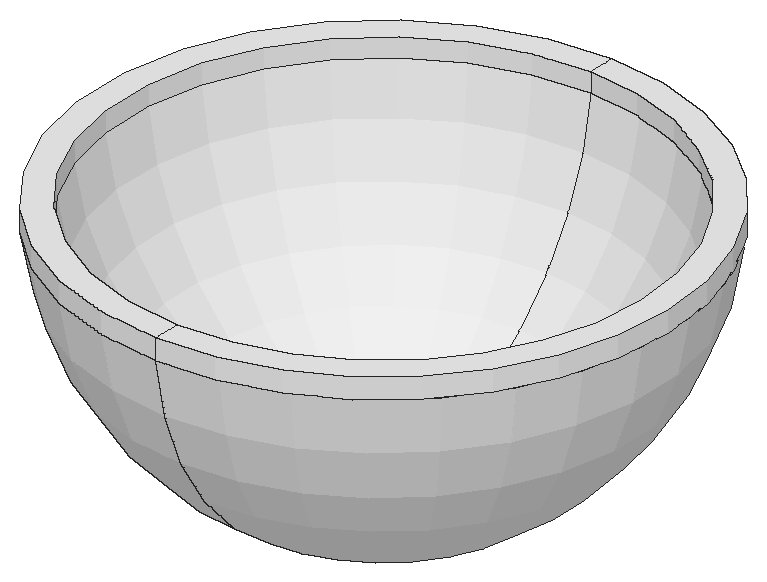
Revit family "Lighting_Fixture-Ceiling-Astro-Samos-Square", category Lighting Fixtures, host Face, Revit 2014
Parameters (values of type "5682 Samos Square (Anodised)")
  Width = 62.50 mm
  Weight = "0.3kg"
  Wattage Comments = "5w"
  Wattage = 1.26564 W
  built-in parameter 1150110 = 1 (stored number, unit not read)
  Voltage = 230 V
  URL = "www.astrolighting.co.uk"
  Type Comments = "- 230V LED driver not required - Ideal for fitting underneath cabinets"
  built-in parameter 1114217 = 1 (stored number, unit not read)
  Tilt Angle = -90.00°
  built-in parameter 1150109 = 1 (stored number, unit not read)
  built-in parameter 1150134 = (empty or 0)
  built-in parameter 1150113 = 1 (stored number, unit not read)
  Suitable for bathroom zone = "Zone 3"
  Product Documentation = "http://www.astrolighting.co.uk/products/kw/Samos/5682_Samos-Square"
  Photometric Web File = "7472 SAMOS ROUND.ies"
  Number of Poles = 1
  Mountable on normally flammable surfaces = "Yes"
  Model = "5682 Samos Square Anodised"
  Manufacturer = "Astro Lighting Ltd, CM20 2DP"
  built-in parameter 1150105 = 14.961 (stored number, unit not read)
  Lumens = 188 lm
  Luminaire Lamp Efficiency Rating = "A+"
  built-in parameter 1150115 = 1 (stored number, unit not read)
  Light Source Elevation = 15.00 mm
  built-in parameter 1150137 = (empty or 0)
  built-in parameter 1150139 = (empty or 0)
  Length = 62.50 mm
  built-in parameter 1150112 = 1 (stored number, unit not read)
  built-in parameter 1150114 = 1 (stored number, unit not read)
  Lamp included = "Yes"
  Lamp = "LED"
  built-in parameter 1150132 = 2
  built-in parameter 1150102 = (empty or 0)
  built-in parameter 1150107 = 3000 (stored number, unit not read)
  built-in parameter 1150138 = (empty or 0)
  built-in parameter 1150106 = 0.14961 (stored number, unit not read)
  IP Rating = "IP20"
  Height = 31.00 mm
  Energy Efficiency Rating = "A+"
  built-in parameter 1150104 = 13.8 (stored number, unit not read)
  Dimming Lamp Color Temperature Shift = <None>
  Dimmable = "No"
  Description = "Down Light"
  Default Elevation = 1219.20 mm
  Color Filter = 16777215
  Class = 2
  Casing Material = Astro - Aluminium - Anodised
  built-in parameter 1114218 = 1 (stored number, unit not read)
  built-in parameter 1150133 = 10 (stored number, unit not read)
  Manufacturer Contact = "01279 427001"
  Assembly Code = "D5020200"
  Apparent Load = 6.03 VA
Types (3, lengths in mm): name | Product Documentation | Model | Casing Material
  (no name) | "http://www.astrolighting.co.uk/products/kw/Samos/5682_Samos-Square" | "5682 Samos Square Anodised" | Astro - Aluminium - Anodised
  5682 Samos Square (Anodised) | "http://www.astrolighting.co.uk/products/kw/Samos/5682_Samos-Square" | "5682 Samos Square Anodised" | Astro - Aluminium - Anodised
  7473 Samos Square (White) | "http://www.astrolighting.co.uk/products/kw/Samos/7473_Samos-Square" | "7473 Samos Square White" | Astro - Aluminium - White
Reference planes
  plane 1 "Center (Front/Back)": y = 0
  plane 2: z = 0
  plane 3 "Center (Left/Right)": x = 0
  plane 4 "Light Source Elevation": z = 15
  plane 5 "Left": x = -31.25
  plane 6 "Right": x = 31.25
  plane 7 "Front": y = 31.25
  plane 8 "Back": y = -31.25
  plane 9 "Bottom": z = 31
  plane 10 "Top": z = -180
Forms (mm)
  Revolve 1, solid, material "Astro - Aluminium - Chrome Finish"
    sketch origin (0, 0, 0) x (0, 1, 0) y (0, 0, 1)
      loop
        line (21.5, 29.5) -> (19.5, 29.5) -> (19.5, 28.046)
        arc (19.5, 28.046) -> (15.38, 17.714) -> (6.512, 11) r 20.728
        line (6.512, 11) -> (0, 11) -> (0, 9) -> (6.884, 9)
        arc (6.884, 9) -> (16.886, 16.391) -> (21.5, 27.94) r 22.728
        line (21.5, 27.94) -> (21.5, 29.5)
      axis (0, 29.5) -> (0, 9)
    angle from 0 to 360
  Extrusion 2, solid, material "Astro - Aluminium - Anodised" <- "Casing Material", not visible
    sketch origin (0, 0, 0) x (1, 0, 0) y (0, 1, 0)
      loop
        arc (-21.25, 31.25) -> (-28.321, 28.321) -> (-31.25, 21.25) r 10
        line (-31.25, 21.25) -> (-31.25, -21.25)
        arc (-31.25, -21.25) -> (-28.321, -28.321) -> (-21.25, -31.25) r 10
        line (-21.25, -31.25) -> (21.25, -31.25)
        arc (21.25, -31.25) -> (28.321, -28.321) -> (31.25, -21.25) r 10
        line (31.25, -21.25) -> (31.25, 21.25)
        arc (31.25, 21.25) -> (28.321, 28.321) -> (21.25, 31.25) r 10
        line (21.25, 31.25) -> (-21.25, 31.25)
    from 0 to 31
  Extrusion 3, void
    sketch origin (0, 0, 0) x (0, 1, 0) y (1, 0, 0)
      loop
        circle (0, 0) r 20.5
    from -31 to -9
Cuts and joins
  Extrusion 3 cuts Extrusion 2
Dimensions and locks
  "Light Source Elevation": plane 4 "Light Source Elevation" to plane 2
  equal spacing: plane 5 "Left", plane 3 "Center (Left/Right)", plane 6 "Right"
  "Length": plane 5 "Left" to plane 6 "Right"
  equal spacing: plane 7 "Front", plane 1 "Center (Front/Back)", plane 8 "Back"
  "Width": plane 7 "Front" to plane 8 "Back"
  "Height": plane 9 "Bottom" to plane 2
  plane 2 to plane 10 "Top" = 180.00 mm
  locked: plane 9 "Bottom" to Revolve 1 sketch curve at 1.5
  locked: Revolve 1 sketch curve to Revolve 1 sketch curve at 19.5
  locked: plane 9 "Bottom" to Revolve 1 sketch curve at 20
  locked: plane 9 "Bottom" to Revolve 1 sketch curve at 22
  locked: Revolve 1 sketch curve to Revolve 1 sketch curve at 21.5
  aligned and locked: plane 2 to host face
  aligned and locked: level to host face
  aligned and locked: plane 3 "Center (Left/Right)" to imposter light
  aligned and locked: plane 4 "Light Source Elevation" to imposter light
  aligned and locked: plane 1 "Center (Front/Back)" to Revolve 1 sketch curve
  aligned and locked: Extrusion 2 sketch curve to plane 7 "Front"
  aligned and locked: plane 5 "Left" to Extrusion 2 sketch curve
  aligned and locked: plane 8 "Back" to Extrusion 2 sketch curve
  aligned and locked: Extrusion 2 sketch curve to plane 6 "Right"
  aligned and locked: Extrusion 2 to plane 2
  aligned and locked: plane 9 "Bottom" to Extrusion 2
  aligned and locked: plane 3 "Center (Left/Right)" to Extrusion 3 sketch curve
  aligned and locked: plane 1 "Center (Front/Back)" to Extrusion 3 sketch curve
  aligned and locked: plane 9 "Bottom" to Extrusion 3
  aligned and locked: Extrusion 3 to Revolve 1
Automatic sketch dimensions
  host sketch curve to host sketch curve = 195.191 mm
  host sketch curve to host sketch curve = 179.448 mm
  Revolve 1 sketch curve to Revolve 1 sketch curve = 0.00 mm  (x2)
  Revolve 1 sketch curve to plane 1 "Center (Front/Back)" = 0.00 mm
  Revolve 1 sketch curve to plane 9 "Bottom" = 0.723 mm
  plane 1 "Center (Front/Back)" to Revolve 1 sketch curve = 1.108 mm
  Revolve 1 sketch curve to Revolve 1 sketch curve = 1.56 mm
  Revolve 1 sketch curve to Revolve 1 sketch curve = 0.372 mm
  level to Revolve 1 sketch curve = 3.843 mm
  plane 9 "Bottom" to Revolve 1 sketch curve = 5.161 mm
  Extrusion 2 sketch curve to Extrusion 2 sketch curve = 10.00 mm  (x2)
  Extrusion 2 sketch curve to plane 6 "Right" = 10.00 mm  (x2)
  radius of Extrusion 3 sketch curve = 20.50 mm
Connectors
  electrical at (0, 0, 0), driven by "Number of Poles", driven by "Voltage", driven by "Apparent Load"
    settings: on cut or joined group of Extrusion 2, Extrusion 3, index 1, voltage 230 V, apparent load 0 VA, apparent load phase1 6.03 VA, apparent load phase2 0 VA, apparent load phase3 0 VA, power factor 1, load classification "Other", number of poles 1, system type 31, power factor state 1, is connector primary yes, connector utility no, sub classification motor no, connector description ""
